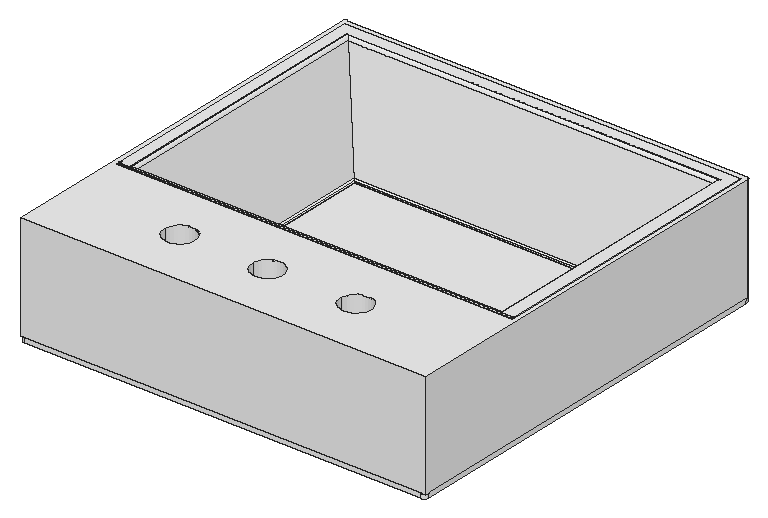
Revit family "Sink 460x460", category Plumbing Fixtures, Revit 2015
Parameters
  Material [instance] = Porcelain White
  Manufacturer = ""
  Assembly Code = ""
Reference planes
  plane 1 "Center (Front/Back)": y = 0
  plane 2: z = 0
  plane 3 "Center (Left/Right)": x = 0
  plane 4: x = -134.49
  plane 5: x = -249.489
  plane 6: x = -224.489
Forms (mm)
  Sweep 1, solid, material "Porcelain White" <- "Material"
    path origin (-125, -135, 730) x (1, 0, 0) y (0, 1, 0)
      loop
        line (-67.49, 264.881) -> (-67.49, 557) -> (317.489, 557) -> (317.489, 264.881)
    profile origin (0, 275.941, 0) x (-1, 0, 0) y (0, 0, 1)
      loop
        line (224.489, 845) -> (224.489, 850) -> (210.598, 850)
        arc (210.598, 850) -> (208.595, 848.506) -> (207.431, 846.294) r 5.658
        line (207.431, 846.294) -> (176.522, 730.94)
        arc (176.522, 730.94) -> (175.796, 730.251) -> (174.826, 730) r 2
        line (174.826, 730) -> (171.997, 730) -> (171.997, 724.958) -> (180.095, 724.958) -> (212.261, 845) -> (224.489, 845)
  Sweep 2, solid, material "Porcelain White" <- "Material"
    path origin (-125, -75, 730) x (1, 0, 0) y (0, 1, 0)
      loop
        line (-99.49, 205) -> (349.489, 205)
    profile origin (0, 0, 0) x (0, 1, 0) y (0, 0, 1)
      loop
        line (149.827, 731.749) -> (135.102, 848.251)
        arc (135.102, 848.251) -> (134.441, 849.5) -> (133.118, 850) r 2
        line (133.118, 850) -> (129.881, 850) -> (145.686, 724.958) -> (155.686, 724.958) -> (155.686, 730) -> (151.811, 730)
        arc (151.811, 730) -> (150.489, 730.5) -> (149.827, 731.749) r 2
  Extrusion 3, solid, material "Porcelain White" <- "Material"
    sketch origin (-125.979, -75, 730) x (1, 0, 0) y (0, 1, 0)
      loop
        arc (-101.021, 535) -> (-103.142, 534.121) -> (-104.021, 532) r 3
        line (-104.021, 532) -> (-104.021, 75) -> (355.979, 75) -> (355.979, 532)
        arc (355.979, 532) -> (355.1, 534.121) -> (352.979, 535) r 3
        line (352.979, 535) -> (-101.021, 535)
      loop
        circle (25.511, 139.361) r 17.5
      loop
        circle (125.511, 139.361) r 17.5
      loop
        circle (225.511, 139.361) r 17.5
      loop
        line (337.489, 516.771) -> (-86.282, 516.771) -> (-86.282, 205) -> (337.489, 205) -> (337.489, 516.771)
    from 0 to 120
  Extrusion 4, solid, material "Porcelain White" <- "Material"
    sketch origin (-125, -75, 730) x (1, 0, 0) y (0, 1, 0)
      loop
        arc (-105, 80) -> (-103.536, 76.464) -> (-100, 75) r 5
        line (-100, 75) -> (350, 75)
        arc (350, 75) -> (353.536, 76.464) -> (355, 80) r 5
        line (355, 80) -> (355, 530)
        arc (355, 530) -> (353.536, 533.536) -> (350, 535) r 5
        line (350, 535) -> (-100, 535)
        arc (-100, 535) -> (-103.536, 533.536) -> (-105, 530) r 5
        line (-105, 530) -> (-105, 80)
      loop
        circle (125.51, 275) r 23
    from -5.042 to 0
Lines and regions (mm)
  symbolic lines
    curve 1: line (-225, 460, 0) -> (225, 460, 0)
    curve 2: line (230, 455, 0) -> (230, 5, 0)
    curve 3: arc (230, 5, 0) -> (228.536, 1.464, 0) -> (225, 0, 0) r 5
    curve 4: line (225, 0, 0) -> (-225, 0, 0)
    curve 5: arc (-225, 0, 0) -> (-228.536, 1.464, 0) -> (-230, 5, 0) r 5
    curve 6: arc (-230, 455, 0) -> (-228.536, 458.536, 0) -> (-225, 460, 0) r 5
    curve 7: line (-207.261, 441.771, 0) -> (206.51, 441.771, 0)
    curve 8: arc (206.51, 441.771, 0) -> (210.046, 440.307, 0) -> (211.51, 436.771, 0) r 5
    curve 9: line (211.51, 436.771, 0) -> (211.51, 135, 0)
    curve 10: arc (211.51, 135, 0) -> (210.046, 131.464, 0) -> (206.51, 130, 0) r 5
    curve 11: line (206.51, 130, 0) -> (-207.261, 130, 0)
    curve 12: arc (-207.261, 130, 0) -> (-210.796, 131.464, 0) -> (-212.261, 135, 0) r 5
    curve 13: line (-212.261, 135, 0) -> (-212.261, 436.771, 0)
    curve 14: arc (-212.261, 436.771, 0) -> (-210.796, 440.307, 0) -> (-207.261, 441.771, 0) r 5
    curve 15: line (166.997, 155.686, 0) -> (-126.022, 155.686, 0)
    curve 16: line (-126.022, 155.686, 0) -> (-166.997, 155.686, 0)
    curve 17: arc (-166.997, 155.686, 0) -> (-170.533, 157.15, 0) -> (-171.997, 160.686, 0) r 5
    curve 18: line (-171.997, 160.686, 0) -> (-171.997, 396.508, 0)
    curve 19: arc (-171.997, 396.508, 0) -> (-170.533, 400.043, 0) -> (-166.997, 401.508, 0) r 5
    curve 20: line (-166.997, 401.508, 0) -> (166.997, 401.508, 0)
    curve 21: arc (23.511, 200, 0) -> (0.511, 177, 0) -> (-22.489, 200, 0) r 23
    curve 22: arc (-22.489, 200, 0) -> (0.511, 223, 0) -> (23.511, 200, 0) r 23
    curve 23: arc (-36.989, 200, 0) -> (0.511, 237.5, 0) -> (38.011, 200, 0) r 37.5
    curve 24: arc (38.011, 200, 0) -> (0.511, 162.5, 0) -> (-36.989, 200, 0) r 37.5
    curve 25: arc (-16.989, 64.361, 0) -> (0.511, 81.861, 0) -> (18.011, 64.361, 0) r 17.5
    curve 26: arc (18.011, 64.361, 0) -> (0.511, 46.861, 0) -> (-16.989, 64.361, 0) r 17.5
    curve 27: arc (83.011, 64.361, 0) -> (100.511, 81.861, 0) -> (118.011, 64.361, 0) r 17.5
    curve 28: arc (118.011, 64.361, 0) -> (100.511, 46.861, 0) -> (83.011, 64.361, 0) r 17.5
    curve 29: arc (-116.989, 64.361, 0) -> (-99.489, 81.861, 0) -> (-81.989, 64.361, 0) r 17.5
    curve 30: arc (-81.989, 64.361, 0) -> (-99.489, 46.861, 0) -> (-116.989, 64.361, 0) r 17.5
    curve 31: spline (-11.99, 136.838, 0) -> (-11.564, 137.639, 0) -> (-10.315, 138.385, 0) -> (-8.328, 139.026, 0) -> (-5.74, 139.518, 0) -> (-2.725, 139.827, 0) -> (0.51, 139.933, 0) -> (3.746, 139.827, 0) -> (6.76, 139.518, 0) -> (9.349, 139.026, 0) -> (11.336, 138.385, 0) -> (12.585, 137.639, 0) -> (13.01, 136.838, 0)
    curve 32: spline (-11.99, 136.838, 0) -> (-11.564, 136.036, 0) -> (-10.315, 135.29, 0) -> (-8.328, 134.649, 0) -> (-5.74, 134.157, 0) -> (-2.725, 133.848, 0) -> (0.51, 133.742, 0) -> (3.746, 133.848, 0) -> (6.76, 134.157, 0) -> (9.349, 134.649, 0) -> (11.336, 135.29, 0) -> (12.585, 136.036, 0) -> (13.01, 136.838, 0)
    curve 33: arc (166.997, 155.686, 0) -> (170.533, 157.15, 0) -> (171.997, 160.686, 0) r 5
    curve 34: line (171.997, 160.686, 0) -> (171.997, 396.508, 0)
    curve 35: arc (171.997, 396.508, 0) -> (170.533, 400.043, 0) -> (166.997, 401.508, 0) r 5
    curve 36: line (-229.989, 455.633, 0) -> (-229.989, 5, 0)
    curve 37: arc (230, 455, 0) -> (228.536, 458.536, 0) -> (225, 460, 0) r 5
Dimensions and locks
  curve 1 to curve 4 = 460 mm
  curve 7 to curve 1 = 18.229 mm
  curve 11 to curve 4 = 130 mm
  curve 15 to curve 11 = 25.686 mm
  curve 20 to curve 15 = 245.822 mm
  curve 20 to curve 7 = 40.263 mm
  curve 26 to curve 30 to curve 28 to curve 4 = 0 mm, 0 mm, 46.861 mm
  Extrusion 4 to Extrusion 4 = 460 mm
  Extrusion 3 to Extrusion 3 = 460 mm  (x2)
